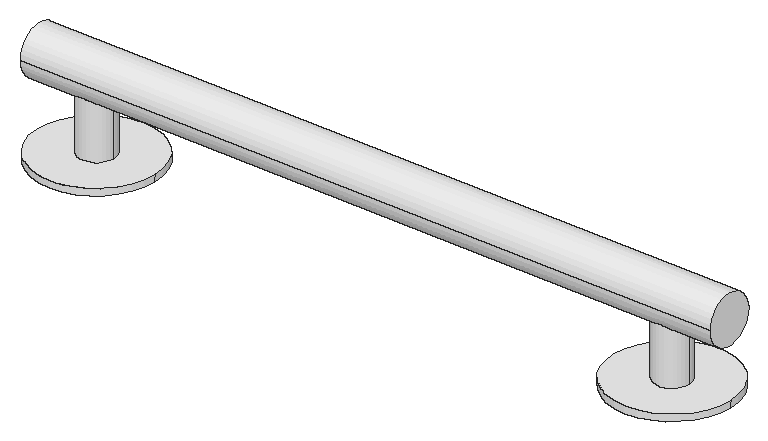
Revit family "KEUCO_34901010300", category Allgemeines Modell, Revit 2016
Family settings
  Teiletyp = Normal
  Kann Basisbauteil für Bewehrung sein = Nein
  Bemaßung runder Anschluss = Durchmesser verwenden
  Arbeitsebenenbasiert = Ja
  Immer vertikal = Nein
  Beim Laden mit Abzugskörper schneiden = Nein
  Gemeinsam genutzt = Nein
  Raumberechnungspunkt = Nein
Parameters (values of type "34901170400")
  Verwendung = ""
  URL = "https://www.keuco.com/de/produkte/sortiment/artikel/?pid=34901&oid=1&pgo=6&country=de&lang=de&vid=34901170400"
  Preisgruppe = ""
  Materialien bei Hersteller anfragen = "Anfrage zu:  objektmanagement@keuco.de"
  Kategorie = ""
  Gewicht = 0
  Beschreibung = "zur waagerechten oder senkrechten Montage"
  Default Elevation = 1219.2 mm
  Serie = "Plan"  # constant formula
  Stange Material = Verchromt
  Rail Length = 482 mm
  Hersteller = "KEUCO"  # constant formula
  Assembly Code = ""
  Ausschreibungstext = "KEUCO PLAN Haltegriff 34901170400\r\nAluminium silber-eloxierter(E6 EV1)/verchromter Haltegriff,\r\nin ästhetischem, funktionalem und ergonomischem Design,\r\nzur waagerechten oder senkrechten Montage,\r\nbis 115 kg belastbar, antistatisch, leicht zu reinigen,\r\nRohrdurchmesser 33 mm, Rosettendurchmesser 82 mm,\r\nAchsmaß 400 mm, Gesamtbreite von 482 mm,\r\nAusladung 90 mm\r\nDer Haltegriff wird verdeckt angebracht,\r\n\r\nIm Lieferumfang enthalten:\r\nBefestigungs-Set 1 Art.-Nr. 34990000100 (je 1 x pro Wandbefestigung)\r\nDer Griff ist Bauart geprüft,\r\n\r\nWeitere Befestigungs-Sets\r\n(je nach Ankergrund/Mauerwerk):\r\nBefestigungs-Set 4 (Art.-Nr. 34990000200) oder\r\nBefestigungs-Set 7 (Art.-Nr. 34993000200)\r\n\r\nBitte zusätzlich bestellen\r\n(jeweils 1x pro Wandhalterung)"
  Artikelnummer = "34901170400"
Types (19, lengths in mm): name | URL | Materialien bei Hersteller anfragen | Beschreibung | Stange Material | Rail Length | Ausschreibungstext | Artikelnummer
  (no name) | "https://www.keuco.com" | "Request to:  objektmanagement@keuco.de" | "--" | Verchromt | 382 | "" | "34901010300"
  34901010300 | "https://www.keuco.com/de/produkte/sortiment/artikel/?pid=34901&oid=1&pgo=6&country=de&lang=de&vid=34901010300" | "Request to:  objektmanagement@keuco.de" | "zur waagerechten oder senkrechten Montage" | Verchromt | 382 | "KEUCO PLAN Haltegriff 34901010300\r\nhochglanzverchromter Haltegriff \r\nin ästhetischem, funktionalem und ergonomischem Design,\r\nzur waagerechten oder senkrechten Montage,\r\nbis 115 kg belastbar, antistatisch, leicht zu reinigen,\r\nRohrdurchmesser 33 mm, Rosettendurchmesser 82 mm,\r\nAchsmaß 300 mm, Gesamtbreite von 382 mm,\r\nAusladung 90 mm\r\nDer Haltegriff wird verdeckt angebracht,\r\n\r\nIm Lieferumfang enthalten:\r\nBefestigungs-Set 1 Art.-Nr. 34990000100 (je 1 x pro Wandbefestigung)\r\nDer Griff ist Bauart geprüft,\r\nnicht kombinierbar mit Klappsitz mit Rückenlehne\r\n\r\nWeitere Befestigungs-Sets\r\n(je nach Ankergrund/Mauerwerk):\r\nBefestigungs-Set 4 (Art.-Nr. 34990000200) oder\r\nBefestigungs-Set 7 (Art.-Nr. 34993000200)\r\n\r\nBitte zusätzlich bestellen\r\n(jeweils 1x pro Wandhalterung)" | "34901010300"
  34901010400 | "https://www.keuco.com/de/produkte/sortiment/artikel/?pid=34901&oid=1&pgo=6&country=de&lang=de&vid=34901010400" | "Request to:  objektmanagement@keuco.de" | "zur waagerechten oder senkrechten Montage" | Verchromt | 482 | "KEUCO PLAN CARE Haltegriff 34901010400\r\nhochglanzverchromter Haltegriff \r\nin ästhetischem, funktionalem und ergonomischem Design,\r\nzur waagerechten oder senkrechten Montage,\r\nbis 115 kg belastbar, antistatisch, leicht zu reinigen,\r\nRohrdurchmesser 33 mm, Rosettendurchmesser 82 mm,\r\nAchsmaß 400 mm, Gesamtbreite von 482 mm,\r\nAusladung 90 mm, \r\nDer Haltegriff wird verdeckt angebracht,\r\n\r\nIm Lieferumfang enthalten: \r\nBefestigungs-Set 1 Art.-Nr. 34990000100 (je 1 x pro Wandbefestigung) \r\nDer Griff ist Bauart geprüft\r\n\r\nWeitere Befestigungs-Sets\r\n(je nach Ankergrund/Mauerwerk):\r\nBefestigungs-Set 4 (Art.-Nr. 34990000200) oder\r\nBefestigungs-Set 7 (Art.-Nr. 34993000200)\r\nBitte zusätzlich bestellen\r\n(jeweils 1x pro Wandhalterung)" | "34901010400"
  34901010500 | "https://www.keuco.com/de/produkte/sortiment/artikel/?pid=34901&oid=1&pgo=6&country=de&lang=de&vid=34901010500" | "Request to:  objektmanagement@keuco.de" | "zur waagerechten oder senkrechten Montage" | Verchromt | 582 | "KEUCO PLAN CARE Haltegriff 34901010500\r\nhochglanzverchromter Haltegriff \r\nin ästhetischem, funktionalem und ergonomischem Design,\r\nzur waagerechten oder senkrechten Montage,\r\nbis 115 kg belastbar, antistatisch, leicht zu reinigen,\r\nRohrdurchmesser 33 mm, Rosettendurchmesser 82 mm,\r\nAchsmaß 500 mm, Gesamtbreite von 582 mm,\r\nAusladung 90 mm, \r\nDer Haltegriff wird verdeckt angebracht,\r\n\r\nIm Lieferumfang enthalten: \r\nBefestigungs-Set 1 Art.-Nr. 34990000100 (je 1 x pro Wandbefestigung) \r\nDer Griff ist Bauart geprüft\r\n\r\nWeitere Befestigungs-Sets\r\n(je nach Ankergrund/Mauerwerk):\r\nBefestigungs-Set 4 (Art.-Nr. 34990000200) oder\r\nBefestigungs-Set 7 (Art.-Nr. 34993000200)\r\nBitte zusätzlich bestellen\r\n(jeweils 1x pro Wandhalterung)" | "34901010500"
  34901010600 | "https://www.keuco.com/de/produkte/sortiment/artikel/?pid=34901&oid=1&pgo=6&country=de&lang=de&vid=34901010600" | "Request to:  objektmanagement@keuco.de" | "zur waagerechten oder senkrechten Montage" | Verchromt | 682 | "KEUCO PLAN CARE Haltegriff 34901010600\r\nhochglanzverchromter Haltegriff \r\nin ästhetischem, funktionalem und ergonomischem Design,\r\nzur waagerechten oder senkrechten Montage,\r\nbis 115 kg belastbar, antistatisch, leicht zu reinigen,\r\nRohrdurchmesser 33 mm, Rosettendurchmesser 82 mm,\r\nAchsmaß 600 mm, Gesamtbreite von 682 mm,\r\nAusladung 90 mm, \r\nDer Haltegriff wird verdeckt angebracht,\r\n\r\nIm Lieferumfang enthalten: \r\nBefestigungs-Set 1 Art.-Nr. 34990000100 (je 1 x pro Wandbefestigung) \r\nDer Griff ist Bauart geprüft\r\n\r\nWeitere Befestigungs-Sets\r\n(je nach Ankergrund/Mauerwerk):\r\nBefestigungs-Set 4 (Art.-Nr. 34990000200) oder\r\nBefestigungs-Set 7 (Art.-Nr. 34993000200)\r\nBitte zusätzlich bestellen\r\n(jeweils 1x pro Wandhalterung)" | "34901010600"
  34901010700 | "https://www.keuco.com/de/produkte/sortiment/artikel/?pid=34901&oid=1&pgo=6&country=de&lang=de&vid=34901010700" | "Request to:  objektmanagement@keuco.de" | "zur waagerechten oder senkrechten Montage" | Verchromt | 782 | "KEUCO PLAN CARE Haltegriff 34901010700\r\nhochglanzverchromter Haltegriff \r\nin ästhetischem, funktionalem und ergonomischem Design,\r\nzur waagerechten oder senkrechten Montage,\r\nbis 115 kg belastbar, antistatisch, leicht zu reinigen,\r\nRohrdurchmesser 33 mm, Rosettendurchmesser 82 mm,\r\nAchsmaß 700 mm, Gesamtbreite von 782 mm,\r\nAusladung 90 mm, \r\nDer Haltegriff wird verdeckt angebracht,\r\n\r\nIm Lieferumfang enthalten: \r\nBefestigungs-Set 1 Art.-Nr. 34990000100 (je 1 x pro Wandbefestigung) \r\nDer Griff ist Bauart geprüft\r\n\r\nWeitere Befestigungs-Sets\r\n(je nach Ankergrund/Mauerwerk):\r\nBefestigungs-Set 4 (Art.-Nr. 34990000200) oder\r\nBefestigungs-Set 7 (Art.-Nr. 34993000200)\r\nBitte zusätzlich bestellen\r\n(jeweils 1x pro Wandhalterung)" | "34901010700"
  34901010800 | "https://www.keuco.com/de/produkte/sortiment/artikel/?pid=34901&oid=1&pgo=6&country=de&lang=de&vid=34901010800" | "Request to:  objektmanagement@keuco.de" | "zur waagerechten oder senkrechten Montage" | Verchromt | 882 | "KEUCO PLAN CARE Haltegriff 34901010800\r\nhochglanzverchromter Haltegriff \r\nin ästhetischem, funktionalem und ergonomischem Design,\r\nzur waagerechten oder senkrechten Montage,\r\nbis 115 kg belastbar, antistatisch, leicht zu reinigen,\r\nRohrdurchmesser 33 mm, Rosettendurchmesser 82 mm,\r\nAchsmaß 800 mm, Gesamtbreite von 882 mm,\r\nAusladung 90 mm, \r\nDer Haltegriff wird verdeckt angebracht,\r\n\r\nIm Lieferumfang enthalten: \r\nBefestigungs-Set 1 Art.-Nr. 34990000100 (je 1 x pro Wandbefestigung) \r\nDer Griff ist Bauart geprüft\r\n\r\nWeitere Befestigungs-Sets\r\n(je nach Ankergrund/Mauerwerk):\r\nBefestigungs-Set 4 (Art.-Nr. 34990000200) oder\r\nBefestigungs-Set 7 (Art.-Nr. 34993000200)\r\nBitte zusätzlich bestellen\r\n(jeweils 1x pro Wandhalterung)" | "34901010800"
  34901010900 | "https://www.keuco.com/de/produkte/sortiment/artikel/?pid=34901&oid=1&pgo=6&country=de&lang=de&vid=34901010900" | "Request to:  objektmanagement@keuco.de" | "zur waagerechten oder senkrechten Montage" | Verchromt | 982 | "KEUCO PLAN CARE Haltegriff 34901010900\r\nhochglanzverchromter Haltegriff \r\nin ästhetischem, funktionalem und ergonomischem Design,\r\nzur waagerechten oder senkrechten Montage,\r\nbis 115 kg belastbar, antistatisch, leicht zu reinigen,\r\nRohrdurchmesser 33 mm, Rosettendurchmesser 82 mm,\r\nAchsmaß 900 mm, Gesamtbreite von 982 mm,\r\nAusladung 90 mm, \r\nDer Haltegriff wird verdeckt angebracht,\r\n\r\nIm Lieferumfang enthalten: \r\nBefestigungs-Set 1 Art.-Nr. 34990000100 (je 1 x pro Wandbefestigung) \r\nDer Griff ist Bauart geprüft\r\n\r\nWeitere Befestigungs-Sets\r\n(je nach Ankergrund/Mauerwerk):\r\nBefestigungs-Set 4 (Art.-Nr. 34990000200) oder\r\nBefestigungs-Set 7 (Art.-Nr. 34993000200)\r\nBitte zusätzlich bestellen\r\n(jeweils 1x pro Wandhalterung)" | "34901010900"
  34901011000 | "https://www.keuco.com/de/produkte/sortiment/artikel/?pid=34901&oid=1&pgo=6&country=de&lang=de&vid=34901011000" | "Request to:  objektmanagement@keuco.de" | "zur waagerechten oder senkrechten Montage" | Verchromt | 1082 | "KEUCO PLAN CARE Haltegriff 34901011000\r\nhochglanzverchromter Haltegriff \r\nin ästhetischem, funktionalem und ergonomischem Design,\r\nzur waagerechten oder senkrechten Montage,\r\nbis 115 kg belastbar, antistatisch, leicht zu reinigen,\r\nRohrdurchmesser 33 mm, Rosettendurchmesser 82 mm,\r\nAchsmaß 1000 mm, Gesamtbreite von 1082 mm,\r\nAusladung 90 mm, \r\nDer Haltegriff wird verdeckt angebracht,\r\n\r\nDiese Ausführung ist mit einer\r\n3. Wandbefestigung (mittig) ausgestattet.\r\n\r\nIm Lieferumfang enthalten: \r\nBefestigungs-Set 1 Art.-Nr. 34990000100 (je 1 x pro Wandbefestigung) \r\nDer Griff ist Bauart geprüft\r\n\r\nWeitere Befestigungs-Sets\r\n(je nach Ankergrund/Mauerwerk):\r\nBefestigungs-Set 4 (Art.-Nr. 34990000200) oder\r\nBefestigungs-Set 7 (Art.-Nr. 34993000200)\r\nBitte zusätzlich bestellen\r\n(jeweils 1x pro Wandhalterung)" | "34901011000"
  34901011100 | "https://www.keuco.com/de/produkte/sortiment/artikel/?pid=34901&oid=1&pgo=6&country=de&lang=de&vid=34901011100" | "Request to:  objektmanagement@keuco.de" | "zur waagerechten oder senkrechten Montage" | Verchromt | 1182 | "KEUCO PLAN CARE Haltegriff 34901011100\r\nhochglanzverchromter Haltegriff \r\nin ästhetischem, funktionalem und ergonomischem Design,\r\nzur waagerechten oder senkrechten Montage,\r\nbis 115 kg belastbar, antistatisch, leicht zu reinigen,\r\nRohrdurchmesser 33 mm, Rosettendurchmesser 82 mm,\r\nAchsmaß 1100 mm, Gesamtbreite von 1182 mm,\r\nAusladung 90 mm, \r\nDer Haltegriff wird verdeckt angebracht,\r\n\r\nDiese Ausführung ist mit einer\r\n3. Wandbefestigung (mittig) ausgestattet.\r\n\r\nIm Lieferumfang enthalten: \r\nBefestigungs-Set 1 Art.-Nr. 34990000100 (je 1 x pro Wandbefestigung) \r\nDer Griff ist Bauart geprüft\r\n\r\nWeitere Befestigungs-Sets\r\n(je nach Ankergrund/Mauerwerk):\r\nBefestigungs-Set 4 (Art.-Nr. 34990000200) oder\r\nBefestigungs-Set 7 (Art.-Nr. 34993000200)\r\nBitte zusätzlich bestellen\r\n(jeweils 1x pro Wandhalterung)" | "34901011100"
  34901170300 | "https://www.keuco.com/de/produkte/sortiment/artikel/?pid=34901&oid=1&pgo=6&country=de&lang=de&vid=34901170300" | "Request to:  objektmanagement@keuco.de" | "zur waagerechten oder senkrechten Montage" | Aluminium silber-eloxiert (E6 EV1) | 382 | "KEUCO PLAN Haltegriff 34901170300\r\nAluminium silber-eloxierter(E6 EV1)/verchromter Haltegriff,\r\nin ästhetischem, funktionalem und ergonomischem Design,\r\nzur waagerechten oder senkrechten Montage,\r\nbis 115 kg belastbar, antistatisch, leicht zu reinigen,\r\nRohrdurchmesser 33 mm, Rosettendurchmesser 82 mm,\r\nAchsmaß 300 mm, Gesamtbreite von 382 mm,\r\nAusladung 90 mm\r\nDer Haltegriff wird verdeckt angebracht,\r\n\r\nIm Lieferumfang enthalten:\r\nBefestigungs-Set 1 Art.-Nr. 34990000100 (je 1 x pro Wandbefestigung)\r\nDer Griff ist Bauart geprüft,\r\nnicht kombinierbar mit Klappsitz mit Rückenlehne\r\n\r\nWeitere Befestigungs-Sets\r\n(je nach Ankergrund/Mauerwerk):\r\nBefestigungs-Set 4 (Art.-Nr. 34990000200) oder\r\nBefestigungs-Set 7 (Art.-Nr. 34993000200)\r\n\r\nBitte zusätzlich bestellen\r\n(jeweils 1x pro Wandhalterung)" | "34901170300"
  34901170400 | "https://www.keuco.com/de/produkte/sortiment/artikel/?pid=34901&oid=1&pgo=6&country=de&lang=de&vid=34901170400" | "Anfrage zu:  objektmanagement@keuco.de" | "zur waagerechten oder senkrechten Montage" | Verchromt | 482 | "KEUCO PLAN Haltegriff 34901170400\r\nAluminium silber-eloxierter(E6 EV1)/verchromter Haltegriff,\r\nin ästhetischem, funktionalem und ergonomischem Design,\r\nzur waagerechten oder senkrechten Montage,\r\nbis 115 kg belastbar, antistatisch, leicht zu reinigen,\r\nRohrdurchmesser 33 mm, Rosettendurchmesser 82 mm,\r\nAchsmaß 400 mm, Gesamtbreite von 482 mm,\r\nAusladung 90 mm\r\nDer Haltegriff wird verdeckt angebracht,\r\n\r\nIm Lieferumfang enthalten:\r\nBefestigungs-Set 1 Art.-Nr. 34990000100 (je 1 x pro Wandbefestigung)\r\nDer Griff ist Bauart geprüft,\r\n\r\nWeitere Befestigungs-Sets\r\n(je nach Ankergrund/Mauerwerk):\r\nBefestigungs-Set 4 (Art.-Nr. 34990000200) oder\r\nBefestigungs-Set 7 (Art.-Nr. 34993000200)\r\n\r\nBitte zusätzlich bestellen\r\n(jeweils 1x pro Wandhalterung)" | "34901170400"
  34901170500 | "https://www.keuco.com/de/produkte/sortiment/artikel/?pid=34901&oid=1&pgo=6&country=de&lang=de&vid=34901170500" | "Request to:  objektmanagement@keuco.de" | "zur waagerechten oder senkrechten Montage" | Aluminium silber-eloxiert (E6 EV1) | 582 | "KEUCO PLAN Haltegriff 34901170500\r\nAluminium silber-eloxierter(E6 EV1)/verchromter Haltegriff,\r\nin ästhetischem, funktionalem und ergonomischem Design,\r\nzur waagerechten oder senkrechten Montage,\r\nbis 115 kg belastbar, antistatisch, leicht zu reinigen,\r\nRohrdurchmesser 33 mm, Rosettendurchmesser 82 mm,\r\nAchsmaß 500 mm, Gesamtbreite von 582 mm,\r\nAusladung 90 mm\r\nDer Haltegriff wird verdeckt angebracht,\r\n\r\nIm Lieferumfang enthalten:\r\nBefestigungs-Set 1 Art.-Nr. 34990000100 (je 1 x pro Wandbefestigung)\r\nDer Griff ist Bauart geprüft,\r\n\r\nWeitere Befestigungs-Sets\r\n(je nach Ankergrund/Mauerwerk):\r\nBefestigungs-Set 4 (Art.-Nr. 34990000200) oder\r\nBefestigungs-Set 7 (Art.-Nr. 34993000200)\r\n\r\nBitte zusätzlich bestellen\r\n(jeweils 1x pro Wandhalterung)" | "34901170500"
  34901170600 | "https://www.keuco.com/de/produkte/sortiment/artikel/?pid=34901&oid=1&pgo=6&country=de&lang=de&vid=34901170600" | "Request to:  objektmanagement@keuco.de" | "zur waagerechten oder senkrechten Montage" | Aluminium silber-eloxiert (E6 EV1) | 682 | "KEUCO PLAN Haltegriff 34901170600\r\nAluminium silber-eloxierter(E6 EV1)/verchromter Haltegriff,\r\nin ästhetischem, funktionalem und ergonomischem Design,\r\nzur waagerechten oder senkrechten Montage,\r\nbis 115 kg belastbar, antistatisch, leicht zu reinigen,\r\nRohrdurchmesser 33 mm, Rosettendurchmesser 82 mm,\r\nAchsmaß 600 mm, Gesamtbreite von 682 mm,\r\nAusladung 90 mm\r\nDer Haltegriff wird verdeckt angebracht,\r\n\r\nIm Lieferumfang enthalten:\r\nBefestigungs-Set 1 Art.-Nr. 34990000100 (je 1 x pro Wandbefestigung)\r\nDer Griff ist Bauart geprüft,\r\n\r\nWeitere Befestigungs-Sets\r\n(je nach Ankergrund/Mauerwerk):\r\nBefestigungs-Set 4 (Art.-Nr. 34990000200) oder\r\nBefestigungs-Set 7 (Art.-Nr. 34993000200)\r\n\r\nBitte zusätzlich bestellen\r\n(jeweils 1x pro Wandhalterung)" | "34901170600"
  34901170700 | "https://www.keuco.com/de/produkte/sortiment/artikel/?pid=34901&oid=1&pgo=6&country=de&lang=de&vid=34901170700" | "Request to:  objektmanagement@keuco.de" | "zur waagerechten oder senkrechten Montage" | Aluminium silber-eloxiert (E6 EV1) | 782 | "KEUCO PLAN Haltegriff 34901170700\r\nAluminium silber-eloxierter(E6 EV1)/verchromter Haltegriff,\r\nin ästhetischem, funktionalem und ergonomischem Design,\r\nzur waagerechten oder senkrechten Montage,\r\nbis 115 kg belastbar, antistatisch, leicht zu reinigen,\r\nRohrdurchmesser 33 mm, Rosettendurchmesser 82 mm,\r\nAchsmaß 700 mm, Gesamtbreite von 582 mm,\r\nAusladung 90 mm\r\nDer Haltegriff wird verdeckt angebracht,\r\n\r\nIm Lieferumfang enthalten:\r\nBefestigungs-Set 1 Art.-Nr. 34990000100 (je 1 x pro Wandbefestigung)\r\nDer Griff ist Bauart geprüft,\r\n\r\nWeitere Befestigungs-Sets\r\n(je nach Ankergrund/Mauerwerk):\r\nBefestigungs-Set 4 (Art.-Nr. 34990000200) oder\r\nBefestigungs-Set 7 (Art.-Nr. 34993000200)\r\n\r\nBitte zusätzlich bestellen\r\n(jeweils 1x pro Wandhalterung)" | "34901170700"
  34901170800 | "https://www.keuco.com/de/produkte/sortiment/artikel/?pid=34901&oid=1&pgo=6&country=de&lang=de&vid=34901170800" | "Request to:  objektmanagement@keuco.de" | "zur waagerechten oder senkrechten Montage" | Aluminium silber-eloxiert (E6 EV1) | 882 | "KEUCO PLAN Haltegriff 34901170800\r\nAluminium silber-eloxierter(E6 EV1)/verchromter Haltegriff,\r\nin ästhetischem, funktionalem und ergonomischem Design,\r\nzur waagerechten oder senkrechten Montage,\r\nbis 115 kg belastbar, antistatisch, leicht zu reinigen,\r\nRohrdurchmesser 33 mm, Rosettendurchmesser 82 mm,\r\nAchsmaß 800 mm, Gesamtbreite von 882 mm,\r\nAusladung 90 mm\r\nDer Haltegriff wird verdeckt angebracht,\r\n\r\nIm Lieferumfang enthalten:\r\nBefestigungs-Set 1 Art.-Nr. 34990000100 (je 1 x pro Wandbefestigung)\r\nDer Griff ist Bauart geprüft,\r\n\r\nWeitere Befestigungs-Sets\r\n(je nach Ankergrund/Mauerwerk):\r\nBefestigungs-Set 4 (Art.-Nr. 34990000200) oder\r\nBefestigungs-Set 7 (Art.-Nr. 34993000200)\r\n\r\nBitte zusätzlich bestellen\r\n(jeweils 1x pro Wandhalterung)" | "34901170800"
  34901170900 | "https://www.keuco.com/de/produkte/sortiment/artikel/?pid=34901&oid=1&pgo=6&country=de&lang=de&vid=34901170900" | "Request to:  objektmanagement@keuco.de" | "zur waagerechten oder senkrechten Montage" | Aluminium silber-eloxiert (E6 EV1) | 982 | "KEUCO PLAN Haltegriff 34901170900\r\nAluminium silber-eloxierter(E6 EV1)/verchromter Haltegriff,\r\nin ästhetischem, funktionalem und ergonomischem Design,\r\nzur waagerechten oder senkrechten Montage,\r\nbis 115 kg belastbar, antistatisch, leicht zu reinigen,\r\nRohrdurchmesser 33 mm, Rosettendurchmesser 82 mm,\r\nAchsmaß 900 mm, Gesamtbreite von 982 mm,\r\nAusladung 90 mm\r\nDer Haltegriff wird verdeckt angebracht,\r\n\r\nIm Lieferumfang enthalten:\r\nBefestigungs-Set 1 Art.-Nr. 34990000100 (je 1 x pro Wandbefestigung)\r\nDer Griff ist Bauart geprüft,\r\n\r\nWeitere Befestigungs-Sets\r\n(je nach Ankergrund/Mauerwerk):\r\nBefestigungs-Set 4 (Art.-Nr. 34990000200) oder\r\nBefestigungs-Set 7 (Art.-Nr. 34993000200)\r\n\r\nBitte zusätzlich bestellen\r\n(jeweils 1x pro Wandhalterung)" | "34901170900"
  34901171000 | "https://www.keuco.com/de/produkte/sortiment/artikel/?pid=34901&oid=1&pgo=6&country=de&lang=de&vid=34901171000" | "Request to:  objektmanagement@keuco.de" | "zur waagerechten oder senkrechten Montage" | Aluminium silber-eloxiert (E6 EV1) | 1082 | "KEUCO PLAN Haltegriff 34901171000\r\nAluminium silber-eloxierter(E6 EV1)/verchromter Haltegriff,\r\nin ästhetischem, funktionalem und ergonomischem Design,\r\nzur waagerechten oder senkrechten Montage,\r\nbis 115 kg belastbar, antistatisch, leicht zu reinigen,\r\nRohrdurchmesser 33 mm, Rosettendurchmesser 82 mm,\r\nAchsmaß 1000 mm, Gesamtbreite von 1082 mm,\r\nAusladung 90 mm\r\nDer Haltegriff wird verdeckt angebracht,\r\n\r\nDiese Ausführung ist mit einer\r\n3. Wandbefestigung (mittig) ausgestattet.\r\n\r\nIm Lieferumfang enthalten:\r\nBefestigungs-Set 1 Art.-Nr. 34990000100 (je 1 x pro Wandbefestigung)\r\nDer Griff ist Bauart geprüft,\r\n\r\nWeitere Befestigungs-Sets\r\n(je nach Ankergrund/Mauerwerk):\r\nBefestigungs-Set 4 (Art.-Nr. 34990000200) oder\r\nBefestigungs-Set 7 (Art.-Nr. 34993000200)\r\n\r\nBitte zusätzlich bestellen\r\n(jeweils 1x pro Wandhalterung)" | "34901171000"
  34901171100 | "https://www.keuco.com/de/produkte/sortiment/artikel/?pid=34901&oid=1&pgo=6&country=de&lang=de&vid=34901171100" | "Request to:  objektmanagement@keuco.de" | "zur waagerechten oder senkrechten Montage" | Aluminium silber-eloxiert (E6 EV1) | 1182 | "KEUCO PLAN Haltegriff 34901171100\r\nAluminium silber-eloxierter(E6 EV1)/verchromter Haltegriff,\r\nin ästhetischem, funktionalem und ergonomischem Design,\r\nzur waagerechten oder senkrechten Montage,\r\nbis 115 kg belastbar, antistatisch, leicht zu reinigen,\r\nRohrdurchmesser 33 mm, Rosettendurchmesser 82 mm,\r\nAchsmaß 1100 mm, Gesamtbreite von 1182 mm,\r\nAusladung 90 mm\r\nDer Haltegriff wird verdeckt angebracht,\r\n\r\nDiese Ausführung ist mit einer\r\n3. Wandbefestigung (mittig) ausgestattet.\r\n\r\nIm Lieferumfang enthalten:\r\nBefestigungs-Set 1 Art.-Nr. 34990000100 (je 1 x pro Wandbefestigung)\r\nDer Griff ist Bauart geprüft,\r\n\r\nWeitere Befestigungs-Sets\r\n(je nach Ankergrund/Mauerwerk):\r\nBefestigungs-Set 4 (Art.-Nr. 34990000200) oder\r\nBefestigungs-Set 7 (Art.-Nr. 34993000200)\r\n\r\nBitte zusätzlich bestellen\r\n(jeweils 1x pro Wandhalterung)" | "34901171100"
Reference planes
  plane 1 "Center (Front/Back)": y = 0
  plane 2: z = 0
  plane 3 "Center (Left/Right)": x = 0
  plane 4: x = -241
  plane 5: x = 241
  plane 6: x = -201
  plane 7: x = 201
Forms (mm)
  Extrusion 1, solid, material "Verchromt" <- "Stange Material"
    sketch origin (0, 0, 0) x (0, 1, 0) y (0, 0, 1)
      loop
        circle (0, 54.743) r 16.5
    from -241 to 241
  Extrusion 2, solid, material "Verchromt" <- "Stange Material"
    sketch origin (0, 0, 0) x (1, 0, 0) y (0, 1, 0)
      loop
        circle (-201, 0) r 12
    from 4.577 to 43.21
  Extrusion 3, solid, material "Verchromt" <- "Stange Material"
    sketch origin (0, 0, 0) x (1, 0, 0) y (0, 1, 0)
      loop
        circle (-201, 0) r 41
    from 0 to 4.577
  Extrusion 4, solid, material "Verchromt" <- "Stange Material"
    sketch origin (0, 0, 0) x (-1, 0, 0) y (0, -1, 0)
      loop
        circle (-201, 0) r 12
    from 4.577 to 43.21
  Extrusion 5, solid, material "Verchromt" <- "Stange Material"
    sketch origin (0, 0, 0) x (-1, 0, 0) y (0, -1, 0)
      loop
        circle (-201, 0) r 41
    from 0 to 4.577
Cuts and joins
  joined: Extrusion 1, Extrusion 2, Extrusion 4
Dimensions and locks
  equal spacing: plane 5, plane 3 "Center (Left/Right)", plane 4
  "Rail Length": plane 5 to plane 4
  locked: plane 6 to plane 4 at 40
  locked: plane 5 to plane 7 at 40
  aligned and locked: level to plane 2
  aligned and locked: Extrusion 1 to plane 4
  aligned and locked: plane 5 to Extrusion 1
  aligned and locked: Extrusion 2 to Extrusion 3
  aligned and locked: Extrusion 4 to Extrusion 2
Automatic sketch dimensions
  Extrusion 1 sketch curve to plane 1 "Center (Front/Back)" = 0 mm
  level to Extrusion 1 sketch curve = 54.743 mm
  plane 1 "Center (Front/Back)" to Extrusion 2 sketch curve = 0 mm
  Extrusion 2 sketch curve to plane 6 = 0 mm
  plane 1 "Center (Front/Back)" to Extrusion 3 sketch curve = 0 mm
  Extrusion 3 sketch curve to plane 6 = 0 mm
  plane 1 "Center (Front/Back)" to Extrusion 4 sketch curve = 0 mm
  Extrusion 4 sketch curve to plane 7 = 0 mm
  plane 1 "Center (Front/Back)" to Extrusion 5 sketch curve = 0 mm
  Extrusion 5 sketch curve to plane 7 = 0 mm
  radius of Extrusion 1 sketch curve = 16.5 mm
  radius of Extrusion 2 sketch curve = 12 mm
  radius of Extrusion 3 sketch curve = 41 mm
  radius of Extrusion 4 sketch curve = 12 mm
  radius of Extrusion 5 sketch curve = 41 mm
